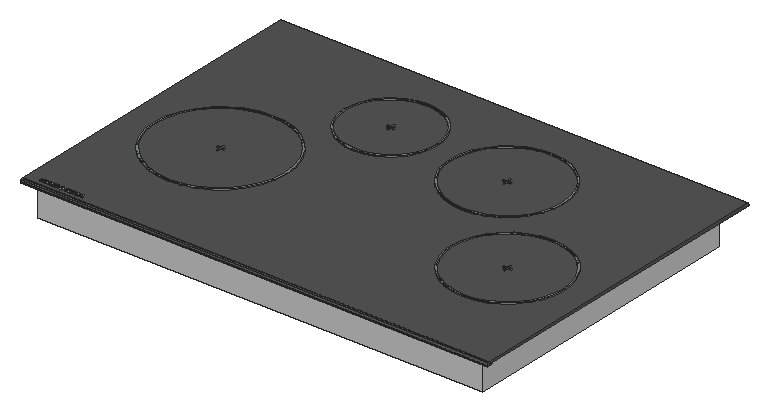
Revit family "FP_Revit_18_CI764DTB4_Cooktop_90000852B", category Specialty Equipment, Revit 2018
Family settings
  Round Connector Dimension = Use Diameter
  Part Type = Normal
  OmniClass Number = 23.40.40.14.17.11
  OmniClass Title = Cookers, Ovens, Stoves
  Work Plane-Based = No
  Always vertical = Yes
  Cut with Voids When Loaded = Yes
  Shared = No
  Room Calculation Point = No
Parameters
  Visibility - Clearance Required = yes
  URL = "www.fisherpaykel.com"
  Product - Width = 759 mm  # constant formula
  Product - Height = 54 mm  # constant formula
  Product - Depth = 530 mm  # constant formula
  Model = "CI764DTB4"
  Material - Trim = Fisher & Paykel - Aluminium, Dark
  Material - Graphics = Fisher & Paykel - Graphics Grey
  Material - Cooktop = Fisher & Paykel - Glass, Black
  Material - Body = Fisher & Paykel - Grey
  Manufacturer = "Fisher & Paykel Appliances"
  FFL Offset [instance] = 900 mm
  Description = "76cm Induction Cooktop"
  Connector Note - Electrical = "220-240 V 2N, 380-415 V 2N, 32 A, 50 Hz"
  Clearance - Side of cooktop to nearest Combustible Surface = 13 mm  # constant formula
  Clearance - Rear of cooktop to nearest Combustible Surface = 8 mm  # constant formula
  Clearance - Overhead Rangehood = 650 mm  # constant formula
  Clearance - Below = 65 mm  # constant formula
  Chassis - Width = 722 mm  # constant formula
  Chassis - Height = 49 mm  # constant formula
  Chassis - Depth = 480 mm  # constant formula
  Cavity - Width = 725 mm  # constant formula
  Cavity - Height = 65 mm  # constant formula
  Cavity - Depth = 490 mm  # constant formula
Reference planes
  plane 1 "Datum": y = 0
  plane 2: z = 0
  plane 3 "Center (Left/Right)": x = 0
  plane 4 "Product LHS": x = -379.5
  plane 5 "Product RHS": x = 379.5
  plane 6 "Product - Depth": y = 530
  plane 7 "Cavity LHS": x = -362.5
  plane 8 "Cavity RHS": x = 362.5
  plane 9 "Cavity - Depth": y = 498.7
  plane 10 "Chassis Front": y = 13.2
  plane 11 "Chassis - Depth": y = 493.2
  plane 12 "Cavity - Front": y = 8.7
  plane 13 "Basepan": z = 851
  plane 14 "Benchtop": z = 900
  plane 15 "Glass": z = 905
Forms (mm)
  Extrusion 1, solid, material "Fisher & Paykel - Glass, Black" <- "Material - Cooktop"
    sketch origin (0, 0, 0) x (0, 1, 0) y (0, 0, 1)
      loop
        line (5.299, 905) -> (5.299, 901) -> (530, 901) -> (530, 905) -> (5.299, 905)
    from -379.5 to 379.5
  Extrusion 2, solid, material "Fisher & Paykel - Aluminium, Dark" <- "Material - Trim", detail levels fine
    sketch origin (0, 0, 0) x (0, 1, 0) y (0, 0, 1)
      loop
        line (5.299, 905) -> (0.45, 905) -> (0, 901.5) -> (0, 900) -> (8.39, 900) -> (8.39, 901) -> (5.299, 901) -> (5.299, 905)
    from -379.5 to 379.5
  Extrusion 3, solid, material "Fisher & Paykel - Clearance Required (Cutout)", visible <- "Visibility - Clearance Required", detail levels coarse
    sketch origin (0, 24.768, 0) x (1, 0, 0) y (0, 1, 0)
      loop
        line (-362.5, 473.932) -> (-362.5, -16.068) -> (362.5, -16.068) -> (362.5, 473.932) -> (-362.5, 473.932)
    from 835 to 900
  Extrusion 4, solid, material "Fisher & Paykel - Aluminium, Dark" <- "Material - Trim", detail levels coarse+medium
    sketch origin (0, 0, 0) x (0, 1, 0) y (0, 0, 1)
      loop
        line (5.299, 905) -> (0, 905) -> (0, 900) -> (5.299, 900) -> (5.299, 905)
    from -379.5 to 379.5
  Extrusion 5, solid, material "Fisher & Paykel - Clearance Required (Combustible)", visible <- "Visibility - Clearance Required", detail levels coarse
    sketch origin (0, 1.7, 0) x (1, 0, 0) y (0, 1, 0)
      loop
        line (-392.5, -1.7) -> (-379.5, -1.7) -> (-379.5, 528.3) -> (379.5, 528.3) -> (379.5, -1.7) -> (392.5, -1.7) -> (392.5, 536.3) -> (-392.5, 536.3) -> (-392.5, -1.7)
    from 905 to 1555
  Extrusion 6, solid, material "Fisher & Paykel - Grey" <- "Material - Body"
    sketch origin (0, 0, 0) x (0, 1, 0) y (0, 0, 1)
      loop
        line (493.2, 851) -> (493.2, 900) -> (13.2, 900) -> (13.2, 851) -> (493.2, 851)
    from -361 to 361
  Extrusion 7, solid, material "Fisher & Paykel - Grey" <- "Material - Body"
    sketch origin (-151, 0, 0) x (1, 0, 0) y (0, 1, 0)
      loop
        line (-214.5, 520.2) -> (-214.5, 8.39) -> (516.5, 8.39) -> (516.5, 520.2) -> (-214.5, 520.2)
    from 900 to 901
  Extrusion 8, solid, material "Fisher & Paykel - Graphics Grey" <- "Material - Graphics", detail levels fine
    sketch origin (0, 0, 0) x (1, 0, 0) y (0, 1, 0)
      loop
        circle (106.166, 381.579) r 92
      loop
        circle (106.166, 381.579) r 89.798
      loop
        circle (246.329, 207.24) r 89.797
      loop
        circle (246.329, 207.24) r 92
      loop
        circle (-231.998, 222.219) r 107
      loop
        circle (-231.998, 222.219) r 104.798
      loop
        circle (-96.947, 399.202) r 75.5
      loop
        circle (-96.947, 399.202) r 73.299
      loop
        line (-95.963, 405.445) -> (-97.931, 405.445) -> (-97.931, 400.279) -> (-103.097, 400.279) -> (-103.097, 398.311) -> (-97.931, 398.311) -> (-97.931, 393.145) -> (-95.963, 393.145) -> (-95.963, 398.311) -> (-90.797, 398.311) -> (-90.797, 400.279) -> (-95.963, 400.279) -> (-95.963, 405.445)
      loop
        line (-230.862, 228.46) -> (-232.83, 228.46) -> (-232.83, 223.293) -> (-237.996, 223.293) -> (-237.996, 221.326) -> (-232.83, 221.326) -> (-232.83, 216.16) -> (-230.862, 216.16) -> (-230.862, 221.326) -> (-225.696, 221.326) -> (-225.696, 223.293) -> (-230.862, 223.293) -> (-230.862, 228.46)
      loop
        line (247.308, 213.28) -> (245.34, 213.28) -> (245.34, 208.114) -> (240.174, 208.114) -> (240.174, 206.146) -> (245.34, 206.146) -> (245.34, 200.98) -> (247.308, 200.98) -> (247.308, 206.146) -> (252.474, 206.146) -> (252.474, 208.114) -> (247.308, 208.114) -> (247.308, 213.28)
      loop
        line (107.238, 387.85) -> (105.27, 387.85) -> (105.27, 382.684) -> (100.104, 382.684) -> (100.104, 380.716) -> (105.27, 380.716) -> (105.27, 375.55) -> (107.238, 375.55) -> (107.238, 380.716) -> (112.404, 380.716) -> (112.404, 382.684) -> (107.238, 382.684) -> (107.238, 387.85)
    from 905 to 906
  Extrusion 9, solid, material "Fisher & Paykel - Grey" <- "Material - Body", detail levels fine
    sketch origin (0, 0, 0) x (1, 0, 0) y (0, 1, 0)
      loop
        circle (0, 473.2) r 5
    from 845 to 851
  Extrusion 10, void
    sketch origin (0, 24.768, 0) x (1, 0, 0) y (0, 1, 0)
      loop
        line (-362.5, 473.932) -> (-362.5, -16.068) -> (362.5, -16.068) -> (362.5, 473.932) -> (-362.5, 473.932)
    from 835 to 900
  Extrusion 11, solid, material "Fisher & Paykel - Clearance Required (Rangehood)", visible <- "Visibility - Clearance Required", detail levels coarse
    sketch origin (0, 0, 0) x (1, 0, 0) y (0, 1, 0)
      loop
        line (-379.5, 0) -> (379.5, 0) -> (379.5, 530) -> (-379.5, 530) -> (-379.5, 0)
    from 905 to 1555
Text (mm)
  text "Due to ongoing product development, product details are subject to change without notice. \nPlease always refer to www.fisherpaykel.com for the most current product information. \n© Fisher & Paykel 2020" at (41.04, -102.478, 0), in view "Ref. Level (Plan)"
Dimensions and locks
  equal spacing: plane 4 "Product LHS", plane 3 "Center (Left/Right)", plane 5 "Product RHS"
  "Product - Width": plane 4 "Product LHS" to plane 5 "Product RHS"
  equal spacing: plane 7 "Cavity LHS", plane 3 "Center (Left/Right)", plane 8 "Cavity RHS"
  "Cavity - Width": plane 7 "Cavity LHS" to plane 8 "Cavity RHS"
  "Product - Depth": Extrusion 1 to plane 1 "Datum"
  equal spacing: Extrusion 6, plane 3 "Center (Left/Right)", Extrusion 6
  "Chassis - Width": Extrusion 6 to Extrusion 6
  equal spacing: Extrusion 7, plane 3 "Center (Left/Right)", Extrusion 7
  locked: plane 1 "Datum" to plane 10 "Chassis Front" at 13.2
  plane 10 "Chassis Front" to plane 12 "Cavity - Front" = 4.5 mm
  "Cavity - Depth": plane 9 "Cavity - Depth" to plane 12 "Cavity - Front"
  "Chassis - Depth": plane 11 "Chassis - Depth" to plane 10 "Chassis Front"
  locked: plane 15 "Glass" to plane 14 "Benchtop" at 5
  "Chassis - Height": plane 14 "Benchtop" to plane 13 "Basepan"
  "FFL Offset": plane 14 "Benchtop" to level
  "Clearance - Overhead Rangehood": Extrusion 5 to plane 15 "Glass"
  "Clearance - Below": Extrusion 3 to plane 14 "Benchtop"
  locked: plane 15 "Glass" to Extrusion 7 at 4
  locked: Extrusion 8 to plane 15 "Glass" at 1
  locked: Extrusion 9 to plane 14 "Benchtop" at 55
  locked: nested 1 to plane 15 "Glass" at 0.8
  "Clearance - Side of cooktop to nearest Combustible Surface": plane 5 "Product RHS" to Extrusion 5
  "Clearance - Side of cooktop to nearest Combustible Surface": Extrusion 5 to plane 4 "Product LHS"
  Extrusion 6 to Extrusion 10 = 5.5 mm
  Extrusion 5 to plane 12 "Cavity - Front" = 8.7 mm
  "Clearance - Rear of cooktop to nearest Combustible Surface": Extrusion 5 to plane 6 "Product - Depth"
  aligned and locked: level to plane 2
  aligned and locked: Extrusion 1 to plane 5 "Product RHS"
  aligned and locked: plane 4 "Product LHS" to Extrusion 1
  aligned and locked: Extrusion 2 to plane 5 "Product RHS"
  aligned and locked: plane 4 "Product LHS" to Extrusion 4
  aligned and locked: Extrusion 4 to plane 5 "Product RHS"
  aligned and locked: Extrusion 4 to Extrusion 1
  aligned and locked: Extrusion 1 to Extrusion 4  (x2)
  aligned and locked: plane 9 "Cavity - Depth" to Extrusion 3
  aligned and locked: plane 4 "Product LHS" to Extrusion 2
  aligned and locked: plane 11 "Chassis - Depth" to Extrusion 6
  aligned and locked: Extrusion 6 to Extrusion 7
  aligned and locked: Extrusion 9 to Extrusion 6
  aligned and locked: plane 14 "Benchtop" to Extrusion 3
  aligned and locked: Extrusion 5 to plane 15 "Glass"
  aligned and locked: Extrusion 3 to Extrusion 6
  aligned and locked: Extrusion 6 to plane 13 "Basepan"
  aligned and locked: Extrusion 1 sketch curve to plane 15 "Glass"
  aligned and locked: Extrusion 7 to Extrusion 1
  aligned and locked: Extrusion 8 to Extrusion 1
  aligned and locked: Extrusion 4 to Extrusion 2
  aligned and locked: Extrusion 2 to Extrusion 1
  aligned and locked: Extrusion 2 to Extrusion 3
  aligned and locked: Extrusion 1 to Extrusion 2
  aligned and locked: Extrusion 10 to Extrusion 3  (x2)
  aligned and locked: Extrusion 11 sketch curve to Extrusion 2
  aligned and locked: Extrusion 11 sketch curve to Extrusion 5  (x2)
  aligned and locked: Extrusion 11 sketch curve to Extrusion 1
  aligned and locked: Extrusion 11 to plane 15 "Glass"
  aligned and locked: Extrusion 5 to Extrusion 11
Automatic sketch dimensions
  Extrusion 1 sketch curve to plane 6 "Product - Depth" = 0 mm
  Extrusion 1 sketch curve to plane 12 "Cavity - Front" = 3.401 mm
  plane 14 "Benchtop" to Extrusion 1 sketch curve = 1 mm
  Extrusion 2 sketch curve to plane 1 "Datum" = 0 mm
  Extrusion 2 sketch curve to plane 15 "Glass" = 0 mm
  Extrusion 2 sketch curve to plane 14 "Benchtop" = 0 mm
  Extrusion 2 sketch curve to plane 1 "Datum" = 0.45 mm
  Extrusion 2 sketch curve to plane 12 "Cavity - Front" = 3.401 mm
  Extrusion 2 sketch curve to plane 12 "Cavity - Front" = 0.311 mm
  Extrusion 2 sketch curve to Extrusion 2 sketch curve = 1.5 mm
  plane 14 "Benchtop" to Extrusion 2 sketch curve = 1 mm
  Extrusion 3 sketch curve to plane 12 "Cavity - Front" = 0 mm
  plane 9 "Cavity - Depth" to Extrusion 3 sketch curve = 0 mm
  plane 7 "Cavity LHS" to Extrusion 3 sketch curve = 0 mm
  Extrusion 3 sketch curve to plane 8 "Cavity RHS" = 0 mm
  Extrusion 4 sketch curve to plane 1 "Datum" = 0 mm
  Extrusion 4 sketch curve to plane 14 "Benchtop" = 0 mm
  Extrusion 4 sketch curve to plane 15 "Glass" = 0 mm
  Extrusion 4 sketch curve to plane 12 "Cavity - Front" = 3.401 mm
  Extrusion 6 sketch curve to plane 10 "Chassis Front" = 0 mm
  Extrusion 6 sketch curve to plane 11 "Chassis - Depth" = 0 mm
  Extrusion 6 sketch curve to plane 13 "Basepan" = 0 mm
  Extrusion 6 sketch curve to plane 14 "Benchtop" = 0 mm
  Extrusion 7 sketch curve to plane 12 "Cavity - Front" = 0.311 mm
  plane 7 "Cavity LHS" to Extrusion 7 sketch curve = 3 mm
  Extrusion 7 sketch curve to plane 8 "Cavity RHS" = 3 mm
  Extrusion 7 sketch curve to plane 6 "Product - Depth" = 9.8 mm
  Extrusion 8 sketch curve to Extrusion 8 sketch curve = 0 mm  (x16)
  Extrusion 8 sketch curve to plane 7 "Cavity LHS" = 124.504 mm
  Extrusion 8 sketch curve to Extrusion 8 sketch curve = 5.166 mm  (x16)
  Extrusion 8 sketch curve to Extrusion 8 sketch curve = 0.832 mm
  Extrusion 8 sketch curve to Extrusion 8 sketch curve = 1.968 mm  (x9)
  Extrusion 8 sketch curve to plane 3 "Center (Left/Right)" = 103.097 mm
  Extrusion 8 sketch curve to Extrusion 8 sketch curve = 0.984 mm  (x2)
  plane 3 "Center (Left/Right)" to Extrusion 8 sketch curve = 100.104 mm
  Extrusion 8 sketch curve to Extrusion 8 sketch curve = 0.897 mm
  plane 8 "Cavity RHS" to Extrusion 8 sketch curve = 122.326 mm
  Extrusion 8 sketch curve to Extrusion 8 sketch curve = 0.989 mm
  Extrusion 8 sketch curve to Extrusion 8 sketch curve = 0.979 mm
  plane 10 "Chassis Front" to Extrusion 8 sketch curve = 187.78 mm
  Extrusion 8 sketch curve to Extrusion 8 sketch curve = 1.094 mm
  plane 10 "Chassis Front" to Extrusion 8 sketch curve = 202.96 mm
  Extrusion 8 sketch curve to Extrusion 8 sketch curve = 0.893 mm
  Extrusion 8 sketch curve to Extrusion 8 sketch curve = 1.075 mm  (x2)
  Extrusion 8 sketch curve to plane 11 "Chassis - Depth" = 117.65 mm
  Extrusion 8 sketch curve to Extrusion 8 sketch curve = 0.863 mm
  Extrusion 8 sketch curve to Extrusion 8 sketch curve = 1.105 mm
  Extrusion 8 sketch curve to plane 11 "Chassis - Depth" = 100.055 mm
  Extrusion 8 sketch curve to Extrusion 8 sketch curve = 0.891 mm
  Extrusion 8 sketch curve to Extrusion 8 sketch curve = 1.077 mm  (x2)
  Extrusion 9 sketch curve to plane 3 "Center (Left/Right)" = 0 mm
  Extrusion 9 sketch curve to plane 11 "Chassis - Depth" = 20 mm
  Extrusion 10 sketch curve to plane 12 "Cavity - Front" = 0 mm
  plane 9 "Cavity - Depth" to Extrusion 10 sketch curve = 0 mm
  plane 7 "Cavity LHS" to Extrusion 10 sketch curve = 0 mm
  Extrusion 10 sketch curve to plane 8 "Cavity RHS" = 0 mm
  Extrusion 5 sketch curve to plane 4 "Product LHS" = 0 mm
  Extrusion 5 sketch curve to plane 1 "Datum" = 0 mm  (x2)
  Extrusion 5 sketch curve to plane 5 "Product RHS" = 0 mm
  plane 6 "Product - Depth" to Extrusion 5 sketch curve = 0 mm
  Extrusion 5 sketch curve to Extrusion 5 sketch curve = 13 mm
  plane 6 "Product - Depth" to Extrusion 5 sketch curve = 8 mm
  Extrusion 5 sketch curve to plane 5 "Product RHS" = 13 mm
  radius of Extrusion 8 sketch curve = 92 mm  (x2)
  radius of Extrusion 8 sketch curve = 89.798 mm
  radius of Extrusion 8 sketch curve = 89.797 mm
  radius of Extrusion 8 sketch curve = 107 mm
  radius of Extrusion 8 sketch curve = 104.798 mm
  radius of Extrusion 8 sketch curve = 75.5 mm
  radius of Extrusion 8 sketch curve = 73.299 mm
  radius of Extrusion 9 sketch curve = 5 mm
Nested families
  nested 1: "F&P Logo 70mm Horizontal" at (-324.001, 14.253, 905), type "F&P Logo 70mm Horizontal"
Connectors
  electrical at (0, 473.2, 845), driven by "Connector Note - Electrical"
    settings: on Extrusion 9, index 1, voltage 230 V, apparent load 0 VA, apparent load phase1 0 VA, apparent load phase2 0 VA, apparent load phase3 0 VA, power factor 1, load classification "Other", number of poles 1, system type 30, power factor state 1, is connector primary yes, connector utility no, sub classification motor no, connector description "220-240 V 2N, 380-415 V 2N, 32 A, 50 Hz"
Definition of nested family "F&P Logo 70mm Horizontal"
  Parameters (values of type "F&P Logo 70mm Horizontal")
    URL = "www.fisherpaykel.com"
    Material - Logo = none
    Manufacturer = "Fisher & Paykel Appliances"
  Reference planes
    plane 1 "Center (Front/Back)": y = 0
    plane 2: z = 0
    plane 3 "Center (Left/Right)": x = 0
  Forms (mm)
    Extrusion 1, solid, material <- "Material - Logo", detail levels fine
      sketch origin (0, 0, 0) x (1, 0, 0) y (0, 1, 0)
        loop
          line (-34.997, -0.356) -> (-33.895, -0.356) -> (-33.895, 1.141) -> (-32.174, 1.141) -> (-32.174, 2.075) -> (-33.895, 2.075) -> (-33.895, 2.943) -> (-32.023, 2.943) -> (-32.023, 3.872) -> (-34.997, 3.872) -> (-34.997, -0.356)
        loop
          line (-29.929, 3.872) -> (-29.929, -0.356) -> (-28.828, -0.356) -> (-28.828, 3.872) -> (-29.929, 3.872)
        loop
          line (-21.473, 3.872) -> (-21.473, -0.356) -> (-20.372, -0.356) -> (-20.372, 1.338) -> (-18.754, 1.338) -> (-18.754, -0.356) -> (-17.652, -0.356) -> (-17.652, 3.872) -> (-18.754, 3.872) -> (-18.754, 2.268) -> (-20.372, 2.268) -> (-20.372, 3.872) -> (-21.473, 3.872)
        loop
          line (-15.301, 3.872) -> (-15.301, -0.356) -> (-12.288, -0.356) -> (-12.288, 0.444) -> (-14.209, 0.444) -> (-14.209, 1.338) -> (-12.453, 1.338) -> (-12.453, 2.268) -> (-14.209, 2.268) -> (-14.209, 3.072) -> (-12.288, 3.072) -> (-12.288, 3.872) -> (-15.301, 3.872)
        loop
          line (32, 3.872) -> (32, -0.356) -> (35.003, -0.356) -> (35.003, 0.574) -> (33.102, 0.574) -> (33.102, 3.872) -> (32, 3.872)
        loop
          line (29.735, 3.872) -> (26.712, 3.872) -> (26.712, -0.356) -> (29.735, -0.356) -> (29.735, 0.444) -> (27.814, 0.444) -> (27.814, 1.338) -> (29.57, 1.338) -> (29.57, 2.268) -> (27.814, 2.268) -> (27.814, 3.072) -> (29.735, 3.072) -> (29.735, 3.872)
        loop
          line (23.449, 1.848) -> (25.012, 3.872) -> (23.724, 3.872) -> (22.374, 2.124) -> (22.374, 3.872) -> (21.273, 3.872) -> (21.273, -0.356) -> (22.374, -0.356) -> (22.374, 1.538) -> (23.765, -0.356) -> (25.067, -0.356) -> (23.449, 1.848)
        loop
          line (15.42, 3.872) -> (17.017, 1.338) -> (17.017, -0.356) -> (18.119, -0.356) -> (18.119, 1.283) -> (19.717, 3.872) -> (18.546, 3.872) -> (17.603, 2.239) -> (16.66, 3.872) -> (15.42, 3.872)
        loop
          line (12.969, 3.872) -> (11.922, 3.872) -> (10.2, -0.356) -> (11.282, -0.356) -> (11.585, 0.422) -> (13.278, 0.422) -> (13.581, -0.356) -> (14.69, -0.356) -> (12.969, 3.872)
        loop
          line (12.913, 1.352) -> (12.419, 2.566) -> (11.946, 1.352) -> (12.913, 1.352)
        loop
          line (5.556, 3.872) -> (5.556, -0.356) -> (6.653, -0.356) -> (6.653, 1.001) -> (7.453, 1.001)
          spline (7.453, 1.001) -> (7.884, 1.05) -> (8.285, 1.193) -> (8.63, 1.421) -> (8.895, 1.719) -> (9.061, 2.065) -> (9.118, 2.436) -> (9.061, 2.808) -> (8.895, 3.154) -> (8.63, 3.452) -> (8.285, 3.68) -> (7.884, 3.823) -> (7.453, 3.872)
          line (7.453, 3.872) -> (5.556, 3.872)
        loop
          spline (7.385, 1.882) -> (7.558, 1.9) -> (7.72, 1.953) -> (7.858, 2.037) -> (7.965, 2.147) -> (8.032, 2.275) -> (8.055, 2.412) -> (8.032, 2.55) -> (7.965, 2.677) -> (7.858, 2.787) -> (7.72, 2.872) -> (7.558, 2.924) -> (7.385, 2.943)
          line (7.385, 2.943) -> (6.585, 2.943) -> (6.585, 1.882) -> (7.385, 1.882)
        loop
          line (-8.294, 2.943) -> (-9.094, 2.943) -> (-9.094, 1.781) -> (-8.294, 1.781)
          spline (-8.294, 1.781) -> (-8.121, 1.801) -> (-7.96, 1.859) -> (-7.822, 1.951) -> (-7.716, 2.072) -> (-7.649, 2.212) -> (-7.626, 2.362) -> (-7.649, 2.512) -> (-7.716, 2.652) -> (-7.822, 2.772) -> (-7.96, 2.865) -> (-8.121, 2.923) -> (-8.294, 2.943)
        loop
          line (-8.214, 3.872) -> (-10.262, 3.872) -> (-10.262, -0.356) -> (-9.094, -0.356) -> (-9.094, 0.492) -> (-8.294, 0.492) -> (-7.647, -0.356) -> (-6.373, -0.356) -> (-7.445, 1.016)
          spline (-7.445, 1.016) -> (-7.148, 1.205) -> (-6.902, 1.45) -> (-6.72, 1.739) -> (-6.611, 2.058) -> (-6.58, 2.391) -> (-6.628, 2.723) -> (-6.754, 3.037) -> (-6.95, 3.317) -> (-7.208, 3.551) -> (-7.515, 3.726) -> (-7.856, 3.835) -> (-8.214, 3.872)
        loop
          line (0.368, 2.943) -> (0.368, 3.951) -> (-2.559, 3.951) -> (-2.559, 3.151) -> (-2.048, 2.522)
          spline (-2.048, 2.522) -> (-2.373, 2.187) -> (-2.606, 1.789) -> (-2.731, 1.355) -> (-2.74, 0.914) -> (-2.632, 0.497) -> (-2.414, 0.133) -> (-2.102, -0.155) -> (-1.716, -0.347) -> (-1.283, -0.429) -> (-0.832, -0.395) -> (-0.395, -0.249) -> (0, 0)
          line (0, 0) -> (0.504, -0.621) -> (1.644, -0.621) -> (0.602, 0.712) -> (1.591, 2.137) -> (0.459, 2.137) -> (0.003, 1.48) -> (-1.14, 2.943) -> (0.368, 2.943)
        loop
          spline (-1.353, 1.874) -> (-1.563, 1.673) -> (-1.729, 1.449) -> (-1.839, 1.217) -> (-1.886, 0.992) -> (-1.867, 0.792) -> (-1.783, 0.627) -> (-1.639, 0.511) -> (-1.447, 0.451) -> (-1.218, 0.451) -> (-0.968, 0.512) -> (-0.714, 0.628) -> (-0.475, 0.792)
          line (-0.475, 0.792) -> (-1.353, 1.874)
        loop
          arc (-25.449, 3.004) -> (-24.591, 2.949) -> (-23.808, 2.592) r 2.379
          line (-23.808, 2.592) -> (-23.808, 3.586)
          arc (-23.808, 3.586) -> (-24.619, 3.915) -> (-25.494, 3.936) r 2.437
          arc (-25.494, 3.936) -> (-26.617, 2.99) -> (-26.18, 1.588) r 1.327
          arc (-26.18, 1.588) -> (-25.746, 1.367) -> (-25.276, 1.236) r 2.46
          spline (-25.276, 1.236) -> (-25.124, 1.211) -> (-24.98, 1.158) -> (-24.856, 1.083) -> (-24.761, 0.989) -> (-24.703, 0.886) -> (-24.686, 0.78) -> (-24.713, 0.681) -> (-24.78, 0.596) -> (-24.882, 0.532) -> (-25.011, 0.494) -> (-25.158, 0.485) -> (-25.311, 0.505)
          arc (-25.311, 0.505) -> (-26.045, 0.647) -> (-26.714, 0.98) r 2.761
          line (-26.714, 0.98) -> (-26.714, -0.067)
          arc (-26.714, -0.067) -> (-25.66, -0.377) -> (-24.564, -0.318) r 3.237
          arc (-24.564, -0.318) -> (-23.597, 0.72) -> (-24.205, 2.002) r 1.263
          arc (-24.205, 2.002) -> (-24.834, 2.249) -> (-25.488, 2.42) r 5.78
          spline (-25.488, 2.42) -> (-25.537, 2.449) -> (-25.58, 2.49) -> (-25.615, 2.541) -> (-25.639, 2.6) -> (-25.653, 2.664) -> (-25.654, 2.73) -> (-25.644, 2.795) -> (-25.622, 2.856) -> (-25.59, 2.909) -> (-25.549, 2.953) -> (-25.502, 2.985) -> (-25.449, 3.004)
      from 0 to 0.8
  Dimensions and locks
    Extrusion 1 sketch curve to Extrusion 1 sketch curve = 70 mm
    aligned and locked: level to plane 2
